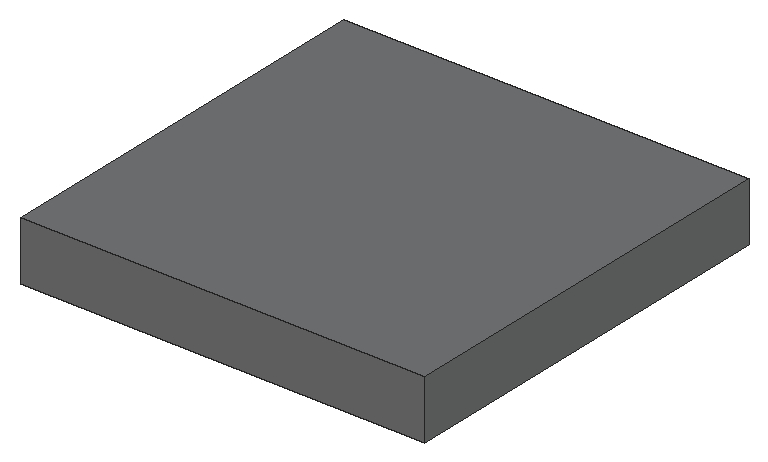
Revit family "Gira_0869005", category Electrical Fixtures, host Face, Revit 2017
Family settings
  Host = Face
  Maintain Annotation Orientation = No
  Round Connector Dimension = Use Diameter
  Part Type = Normal
  Cut with Voids When Loaded = No
  Shared = No
  Room Calculation Point = No
Parameters (values of type "Cov. coax.antenna sock. System 55 black m")
  URL = "http://katalog.gira.de/en/datenblatt.html?artikelnr=0869005"
  Transparent = "No"
  Name = "Cov. coax.antenna sock. System 55 black m"
  Manufacturer URL = "https://www.gira.de/"
  Manufacturer = "Gira"
  Keynote = ""
  HeinzeBIM = "https://bimportal.heinze.de/bim/cov-coax-antenna-sock-system-55-black-m/5d3c9b9d5375ce8b687ab569793de999f923a78a"
  HAN = "0869005"
  GTIN = "4010337036616"
  Description = "Cov.coax Sys55 BKm,Cover for coaxial antenna socket,,black matt,Features:,- Third hole can be broken out.,,Notes :,- For screw mounting only."
  Default Elevation = 1219.2 mm
  Data sheet (1) = "https://katalog.gira.de/en/download.html?artikelnr=0869005"
  Category = "Insert/cover for communication technology"
  BIM (1) = "https://media.stage.bim.site/public/gira/36a6b08/Sys55_Abdeckung_Schalten und Tasten.rfa?public/gira/36a6b08/Sys55_Abdeckung_Schalten und Tasten.rfa"
  Available = "No"
  Anthrazit [instance] = Anthrazit
Reference planes
  plane 1 "Center (Front/Back)": y = 0
  plane 2: z = 0
  plane 3 "Center (Left/Right)": x = 0
Forms (mm)
  Extrusion 1, solid, material "Anthrazit" <- "Anthrazit", detail levels fine
    sketch origin (0, 0, 0) x (1, 0, 0) y (0, 1, 0)
      loop
        line (-27.5, 27.5) -> (-27.5, -27.5) -> (27.5, -27.5) -> (27.5, 27.5) -> (-27.5, 27.5)
    from 0 to 8
  Extrusion 2, void
    sketch origin (0, 0, 0) x (1, 0, 0) y (0, 1, 0)
      loop
        line (26, 26) -> (-26, 26) -> (-26, -26) -> (26, -26) -> (26, 26)
    from 0 to 6
  Extrusion 3, solid, material "Anthrazit" <- "Anthrazit", detail levels medium
    sketch origin (0, 0, 0) x (1, 0, 0) y (0, 1, 0)
      loop
        line (-27.5, 27.5) -> (-27.5, -27.5) -> (27.5, -27.5) -> (27.5, 27.5) -> (-27.5, 27.5)
    from 0 to 8
  Extrusion 4, solid, material "Anthrazit" <- "Anthrazit", detail levels medium
    sketch origin (0, 0, 0) x (1, 0, 0) y (0, 1, 0)
      loop
        line (11, -17.5) -> (11, 17.5) -> (-11, 17.5) -> (-11, -17.5) -> (11, -17.5)
    from -6 to 6
  Extrusion 5, solid, material "Anthrazit" <- "Anthrazit", detail levels fine
    sketch origin (0, 0, 0) x (1, 0, 0) y (0, 1, 0)
      loop
        line (11, 17.5) -> (-11, 17.5) -> (-11, 16.5) -> (11, 16.5) -> (11, 17.5)
      loop
        line (-11, -16.5) -> (-11, -17.5) -> (11, -17.5) -> (11, -16.5) -> (-11, -16.5)
    from -4 to 6
  Extrusion 6, solid, material "Anthrazit" <- "Anthrazit", detail levels fine
    sketch origin (0, 0, 0) x (1, 0, 0) y (0, 1, 0)
      loop
        arc (5, 9.347) -> (0, 10.6) -> (-5, 9.347) r 10.6
        line (-5, 9.347) -> (-5, -9.347)
        arc (-5, -9.347) -> (0, -10.6) -> (5, -9.347) r 10.6
        line (5, -9.347) -> (5, 9.347)
    from -6 to 6
  Extrusion 7, solid, material "Anthrazit" <- "Anthrazit", detail levels coarse
    sketch origin (0, 0, 0) x (1, 0, 0) y (0, 1, 0)
      loop
        line (-27.5, 27.5) -> (-27.5, -27.5) -> (27.5, -27.5) -> (27.5, 27.5) -> (-27.5, 27.5)
    from -6 to 8
Cuts and joins
  Extrusion 2 cuts Extrusion 1
Dimensions and locks
  aligned and locked: plane 2 to host face
  aligned and locked: level to host face
